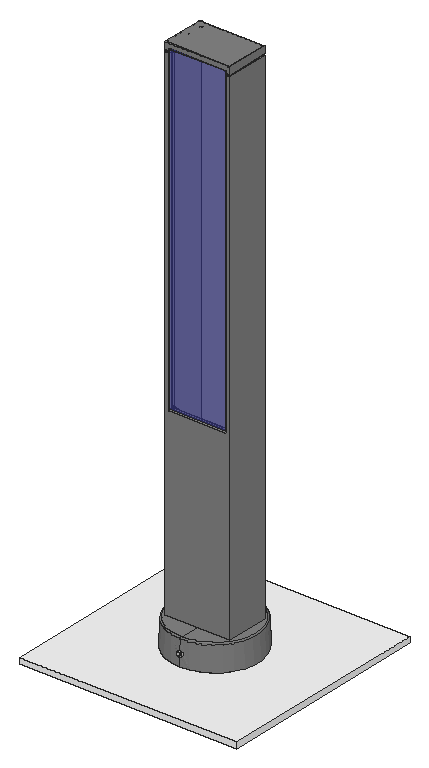
Revit family "BE_99326_de_DE", category Leuchten, Revit 2020
Family settings
  Basisbauteil = Fläche
  Bemaßung runder Anschluss = Durchmesser verwenden
  Teiletyp = Normal
  Beim Laden mit Abzugskörper schneiden = Ja
  Lichtquelle = Ja
  Gemeinsam genutzt = Nein
  Raumberechnungspunkt = Ja
Parameters (values of type "BEGA_99326_Grafit_K3")
  built-in parameter 1150104 = 11.417 (stored number, unit not read)
  Windangriffsfläche = ""
  Werkzeuglos = ""
  Wattage = 16.6 W
  Default Elevation = 0 mm
  built-in parameter 1150113 = 1 (stored number, unit not read)
  built-in parameter 1114218 = 1 (stored number, unit not read)
  Umgebungstemperatur = "25 °C"
  URL = "https://www.bega.com/de/produkt/99326"
  Typenkommentare = "© 2022 BEGA. Wir behalten uns das Recht vor, technische Änderungen ohne vorherige Ankündigung vorzunehmen."  # constant formula
  Type Image = 99326.png
  built-in parameter 1150134 = (empty or 0)
  built-in parameter 1150109 = 1 (stored number, unit not read)
  Strom = ""
  built-in parameter 1150110 = 1 (stored number, unit not read)
  Spannung = 239.996 V
  Sonderanfertigung = no
  Seriennummer [instance] = "Hier können Sie die eindeutige Seriennummer für das Facility Management eintragen."
  Schutzklasse = "I"
  Schutzart = "IP 65"
  Scheinlast = 0 VA
  Produktdatenblatt = "https://cdn.bega.com/bega/products/99326AK4/current/documents/data-sheets/de"
  Oberflächentemperatur = ""
  Neigungswinkel = 0.00°
  Modell = "99326K3"
  Material_17 = BEGA_Reflektor
  Material_15 = BEGA_Leuchtmedium_matt
  Material_11 = BEGA_Glas_opal
  Material_09 = BEGA_Glas_klar
  Material_06 = BEGA_Oberfläche_Edelstahl_gebürstet
  Material_02 = BEGA_Oberfläche_Silber_matt
  Material_01 [instance] = BEGA_Oberfläche_Grafit_matt
  M_W = no
  M_G = yes
  M_A = no
  Logo = 0
  built-in parameter 1114217 = 1 (stored number, unit not read)
  built-in parameter 1150139 = (empty or 0)
  built-in parameter 1150105 = 704.72 (stored number, unit not read)
  built-in parameter 1150114 = 1 (stored number, unit not read)
  Lumens = 2039.97 lm
  built-in parameter 1150115 = 1 (stored number, unit not read)
  Leuchtenlichtstrom = "817 lm"
  Leuchtenanzahl = ""
  Lebensdauerkriterien = "L70B50 @ 25 °C = 185000 h"
  Lastklassifizierung = Beleuchtung
  built-in parameter 1150112 = 1 (stored number, unit not read)
  Lampenlichtstrom = "2130 lm"
  Lampe = "LED 11.4 W"
  LED_Modulbezeichnung = "2x LED-0380/830"
  built-in parameter 1150142 = (empty or 0)
  Hersteller = "BEGA"  # constant formula
  Halbstreuwinkel = ""
  Gewicht = "8.1 kg"
  Gebrauchslageneinschränkung [instance] = ""
  Frequenz = "0/50-60 Hz"
  Farbwiedergabeindex = "CRI > 80"
  Farbtemperaturverschiebung bei Dämpfen der Lampe = <Keine Auswahl>
  Farbtemperatur = "3000 K"
  Color Filter = 16777215
  Erdstücklänge_E = ""
  Erdstück [instance] = no
  built-in parameter 1150133 = 10 (stored number, unit not read)
  Energieeffizienzklasse = "LED A++ - A"
  Einstecktiefe = ""
  built-in parameter 1150137 = (empty or 0)
  built-in parameter 1150132 = (empty or 0)
  Einbau_in_Wärmedämmung = ""
  ENEC = "ja"
  Datei für fotometrisches Netz = "BE_99326K3.IES"
  CE_Konformität = "ja"
  Bestellnummer_Erdstück [instance] = if(Erdstück, "70895", "---")  # "---"
  Bestellnummer = "99326K3"
  Beschreibung_Sonderanfertigung = "Hier können Sie Informationen zur Sonderanfertigung eintragen."
  Beschreibung = "Garten- und Wegeleuchte"
  built-in parameter 1150106 = 7.0472 (stored number, unit not read)
  Belastbarkeit [instance] = ""
  Befestigungsbohrung = ""
  Befestigungsabstand = ""
  Ballwurfsicher = ""
  BEGA_Intern_aus = yes
  BEGA_Intern_an = yes
  BEGA_Intern_Konstruktion = yes
  BEGA_Intern = yes
  BEGA_IES = yes
  BEGA_Dummy = no
  Anschlussleitung = ""
  Anschlussleistung [instance] = "14 W"
  built-in parameter 1150107 = 3000 (stored number, unit not read)
  built-in parameter 1150102 = (empty or 0)
  built-in parameter 1150138 = (empty or 0)
  Aktualisierung = "2022-05-20T04:00:08"
  AC/DC = "AC/DC"
Reference planes
  plane 1 "Mitte (Vorne/Hinten)": y = 0
  plane 2: z = 0
  plane 3 "Mitte (Links/Rechts)": x = 0
  plane 4 "Links": x = -81
  plane 5 "Rechts": x = 81
  plane 6 "Unten": y = -81
  plane 7 "Oben": y = 81
  plane 8 "Vorne": z = 1000.148
Forms (mm)
  Extrusion 1, solid, material "BEGA_Platte_Weiss"
    sketch origin (0, -1119.2, 0) x (1, 0, 0) y (0, 1, 0)
      loop
        line (-200, 1319.2) -> (-200, 919.2) -> (200, 919.2) -> (200, 1319.2) -> (-200, 1319.2)
    from 0 to -10
  Extrusion 2, solid, material "BEGA_Dummy_matt", visible <- "BEGA_Dummy"
    sketch origin (77.149, -76.023, 0) x (1, 0, 0) y (0, 1, 0)
      loop
        circle (-77.149, 76.023) r 81
    from 0 to 1000.148
Dimensions and locks
  plane 1 "Mitte (Vorne/Hinten)" to Extrusion 1 = 200 mm
  aligned and locked: plane 2 to Extrusion 1
  aligned and locked: level to Extrusion 1
Nested families
  nested 1: "BE_99326" at (0, 0, 0), type "BE_99326"
Connectors
  electrical at (0, 0, 0), driven by "Lastklassifizierung", driven by "Spannung", driven by "Scheinlast"
    settings: index 1, voltage 239.996 V, apparent load 0 VA, apparent load phase1 0 VA, apparent load phase2 0 VA, apparent load phase3 0 VA, power factor 1, load classification "Beleuchtung", number of poles 1, system type 31, power factor state 1, is connector primary yes, connector utility no, sub classification motor no, connector description ""
Definition of nested family "BE_99326"
  Parameters (values of type "BE_99326")
    Default Elevation = 1 mm
    URL = "http://www.bega.de/de/produkt"
    Type Comments = "© 2015 BEGA. Wir behalten uns das Recht vor, technische Änderungen ohne vorherige Ankündigung vorzunehmen. "  # constant formula
    Type Image = (empty or 0)
    Material_17 = none
    Material_15 = none
    Material_11 = none
    Material_09 = none
    Material_06 = none
    Material_03 = none
    Material_02 = none
    Material_01 = none
    M_W = yes
    M_G = yes
    M_A = yes
    Länge_Platte = 200 mm  # constant formula
    Höhe_Platte = -10 mm  # constant formula
    Manufacturer = "BEGA"  # constant formula
    Breite_Platte = 200 mm  # constant formula
  Reference planes
    plane 1 "Mitte (Oben/Unten)": y = 0
    plane 2: z = 0
    plane 3 "Mitte (Links/Rechts)": x = 0
    plane 4 "Hinten": z = 1000.148
    plane 5 "Links": x = -81
    plane 6 "Unten": y = -81
    plane 7: x = 81
    plane 8: y = 81
  Forms (mm)
    Extrusion 1, solid, detail levels medium
      sketch origin (0, 0, 0) x (1, 0, 0) y (0, 1, 0)
        loop
          line (-100, 100) -> (-100, -100) -> (100, -100) -> (100, 100) -> (-100, 100)
      from 0 to -10 <- "Höhe_Platte"
    Revolve 2, solid, material <- "Material_01", visible <- "M_G", detail levels medium+fine
      sketch origin (0, 0, 0) x (0, 1, 0) y (0, 0, 1)
        loop
          line (76, 0) -> (76, 5.5) -> (0, 5.5) -> (0, 0) -> (76, 0)
        axis (0, 0) -> (0, 5.5)
      angle from 0 to 360
    Revolve 3, solid, material <- "Material_01", visible <- "M_G", detail levels medium+fine
      sketch origin (0, 0, 0) x (0, 1, 0) y (0, 0, 1)
        loop
          arc (79.391, 48.215) -> (78.783, 49.585) -> (77.392, 50.148) r 2
          line (77.392, 50.148) -> (0, 50.148) -> (0, 42.148) -> (68.762, 42.148)
          arc (68.762, 42.148) -> (70.254, 41.646) -> (70.92, 40.221) r 2
          line (70.92, 40.221) -> (72.121, 5.835) -> (77.5, 5.648) -> (77.5, 2.148) -> (81, 2.148) -> (79.391, 48.215)
        axis (0, 50.148) -> (0, 2.148)
      angle from 0 to 360
    Sweep 4, solid, material <- "Material_01", visible <- "M_G", detail levels medium+fine
      path origin (0, 0, 0) x (1, 0, 0) y (0, 1, 0)
        loop
          line (60, 40) -> (-60, 40) -> (-60, -40) -> (60, -40) -> (60, 40)
      profile origin (0, 40, 0) x (0, -1, 0) y (0, 0, 1)
        loop
          line (0, 985.684) -> (2.449, 983.148) -> (6.9, 983.148) -> (7.532, 995.2)
          arc (7.532, 995.2) -> (7.842, 995.873) -> (8.53, 996.148) r 1
          line (8.53, 996.148) -> (17.785, 996.148) -> (17.785, 1000.148) -> (0.779, 1000.148)
          arc (0.779, 1000.148) -> (0.347, 1000.049) -> (0, 999.774) r 1
          line (0, 999.774) -> (0, 985.684)
    Extrusion 5, solid, material <- "Material_01", visible <- "M_G", detail levels medium+fine
      sketch origin (0, 0, 0) x (1, 0, 0) y (0, 1, 0)
        loop
          line (-42.215, 22.215) -> (-42.215, -22.215) -> (42.215, -22.215) -> (42.215, 22.215) -> (-42.215, 22.215)
      from 996.148 to 1000.148
    Sweep 6, solid, material <- "Material_01", visible <- "M_G", detail levels medium+fine
      path in 3D
        loop
          line (-60, 40, 999.774) -> (-60, -40, 999.774) -> (60, -40, 999.774) -> (60, 40, 999.774) -> (-60, 40, 999.774)
      profile origin (0, 40, 999.774) x (0, 0, 1) y (0, 1, 0)
        loop
          line (-949.627, 0) -> (-949.627, -6.8) -> (-16.627, -6.8) -> (-16.627, 0) -> (-949.627, 0)
    Sweep 7, void
      path origin (0, 0, 0) x (1, 0, 0) y (0, 0, 1)
        loop
          line (-53.711, 991.858) -> (-53.711, 389.437) -> (53.711, 389.437) -> (53.711, 991.858) -> (-53.711, 991.858)
      profile origin (0, 0, 991.858) x (0, 0, 1) y (0, -1, 0)
        loop
          line (0, 40) -> (-28.988, 40) -> (-28.988, 34.8) -> (-1.893, 34.8) -> (0, 40)
    Extrusion 8, void
      sketch origin (0, 0, 0) x (1, 0, 0) y (0, 0, 1)
        loop
          arc (45, 394.148) -> (47.828, 395.319) -> (49, 398.148) r 4
          line (49, 398.148) -> (49, 983.148)
          arc (49, 983.148) -> (47.828, 985.976) -> (45, 987.148) r 4
          line (45, 987.148) -> (-45, 987.148)
          arc (-45, 987.148) -> (-47.828, 985.976) -> (-49, 983.148) r 4
          line (-49, 983.148) -> (-49, 398.148)
          arc (-49, 398.148) -> (-47.828, 395.319) -> (-45, 394.148) r 4
          line (-45, 394.148) -> (45, 394.148)
      from 32.461 to 40.526
    Extrusion 9, solid, material <- "Material_11", detail levels medium+fine
      sketch origin (0, 0, 0) x (0, 1, 0) y (0, 0, 1)
        loop
          line (-39.8, 391.648) -> (-34.8, 391.648) -> (-34.8, 989.648) -> (-39.8, 989.648) -> (-39.8, 391.648)
      from -51.603 to 51.542
    Revolve 10, solid, material <- "Material_02", visible <- "M_A", detail levels medium+fine
      sketch origin (0, 0, 0) x (0, 1, 0) y (0, 0, 1)
        loop
          line (76, 0) -> (76, 5.5) -> (0, 5.5) -> (0, 0) -> (76, 0)
        axis (0, 0) -> (0, 5.5)
      angle from 0 to 360
    Revolve 11, solid, material <- "Material_02", visible <- "M_A", detail levels medium+fine
      sketch origin (0, 0, 0) x (0, 1, 0) y (0, 0, 1)
        loop
          arc (79.391, 48.215) -> (78.783, 49.585) -> (77.392, 50.148) r 2
          line (77.392, 50.148) -> (0, 50.148) -> (0, 42.148) -> (68.762, 42.148)
          arc (68.762, 42.148) -> (70.254, 41.646) -> (70.92, 40.221) r 2
          line (70.92, 40.221) -> (72.121, 5.835) -> (77.5, 5.648) -> (77.5, 2.148) -> (81, 2.148) -> (79.391, 48.215)
        axis (0, 50.148) -> (0, 2.148)
      angle from 0 to 360
    Sweep 12, solid, material <- "Material_02", visible <- "M_A", detail levels medium+fine
      path in 3D
        loop
          line (-60, 40, 999.774) -> (-60, -40, 999.774) -> (60, -40, 999.774) -> (60, 40, 999.774) -> (-60, 40, 999.774)
      profile origin (0, 40, 999.774) x (0, 0, 1) y (0, 1, 0)
        loop
          line (-949.627, 0) -> (-949.627, -6.8) -> (-16.627, -6.8) -> (-16.627, 0) -> (-949.627, 0)
    Sweep 13, solid, material <- "Material_02", visible <- "M_A", detail levels medium+fine
      path origin (0, 0, 0) x (1, 0, 0) y (0, 1, 0)
        loop
          line (60, 40) -> (-60, 40) -> (-60, -40) -> (60, -40) -> (60, 40)
      profile origin (0, 40, 0) x (0, -1, 0) y (0, 0, 1)
        loop
          line (0, 985.684) -> (2.449, 983.148) -> (6.9, 983.148) -> (7.532, 995.2)
          arc (7.532, 995.2) -> (7.842, 995.873) -> (8.53, 996.148) r 1
          line (8.53, 996.148) -> (17.785, 996.148) -> (17.785, 1000.148) -> (0.779, 1000.148)
          arc (0.779, 1000.148) -> (0.347, 1000.049) -> (0, 999.774) r 1
          line (0, 999.774) -> (0, 985.684)
    Extrusion 14, solid, material <- "Material_02", visible <- "M_A", detail levels medium+fine
      sketch origin (0, 0, 0) x (1, 0, 0) y (0, 1, 0)
        loop
          line (-42.215, 22.215) -> (-42.215, -22.215) -> (42.215, -22.215) -> (42.215, 22.215) -> (-42.215, 22.215)
      from 996.148 to 1000.148
    Revolve 15, void
      sketch origin (0, 0, 0) x (0, 1, 0) y (0, 0, 1)
        loop
          line (-80.443, 29.398) -> (-80.443, 24.148) -> (-71.081, 24.148) -> (-71.081, 29.398) -> (-80.443, 29.398)
        axis (-71.081, 24.148) -> (-80.443, 24.148)
      angle from 0 to 360
    Revolve 16, solid, material <- "Material_06", detail levels fine
      sketch origin (0, 0, 0) x (0, 1, 0) y (0, 0, 1)
        loop
          line (-71.912, 29.148) -> (-81.58, 29.148) -> (-82.5, 28.228) -> (-82.5, 24.148) -> (-71.912, 24.148) -> (-71.912, 29.148)
        axis (-71.912, 24.148) -> (-82.5, 24.148)
      angle from 0 to 360
    Extrusion 17, void
      sketch origin (0, 0, 0) x (1, 0, 0) y (0, 1, 0)
        loop
          arc (-10.618, -36.999) -> (-0.003, -38.492) -> (10.613, -37.001) r 38.5
          arc (10.613, -37.001) -> (13.012, -32.671) -> (8.683, -30.272) r 3.5
          arc (8.683, -30.272) -> (0, -31.492) -> (-8.682, -30.272) r 31.5
          arc (-8.682, -30.272) -> (-13.01, -32.669) -> (-10.618, -36.999) r 3.5
        loop
          arc (31.613, -32.728) -> (31.502, -39.083) -> (37.857, -39.194) r 4.495
          arc (37.857, -39.194) -> (47.194, -27.244) -> (52.876, -13.185) r 54.493
          arc (52.876, -13.185) -> (49.609, -7.728) -> (44.156, -11.001) r 4.495
          arc (44.156, -11.001) -> (39.411, -22.746) -> (31.613, -32.728) r 45.516
        loop
          arc (30.564, 7.629) -> (34.804, 5.079) -> (37.358, 9.317) r 3.5
          arc (37.358, 9.317) -> (33.341, 19.26) -> (26.738, 27.709) r 38.5
          arc (26.738, 27.709) -> (21.792, 27.613) -> (21.881, 22.667) r 3.5
          arc (21.881, 22.667) -> (27.279, 15.758) -> (30.564, 7.629) r 31.5
        loop
          arc (-21.882, 22.667) -> (-21.796, 27.616) -> (-26.745, 27.702) r 3.5
          arc (-26.745, 27.702) -> (-33.342, 19.257) -> (-37.357, 9.321) r 38.5
          arc (-37.357, 9.321) -> (-34.807, 5.079) -> (-30.565, 7.628) r 3.5
          arc (-30.565, 7.628) -> (-27.28, 15.757) -> (-21.882, 22.667) r 31.5
        loop
          arc (12.545, 43.753) -> (18.104, 46.834) -> (15.023, 52.394) r 4.495
          arc (15.023, 52.394) -> (-0.001, 54.506) -> (-15.024, 52.394) r 54.493
          arc (-15.024, 52.394) -> (-18.104, 46.835) -> (-12.544, 43.753) r 4.495
          arc (-12.544, 43.753) -> (-0.001, 45.516) -> (12.545, 43.753) r 45.516
        loop
          arc (-44.156, -11.002) -> (-49.605, -7.729) -> (-52.878, -13.177) r 4.495
          arc (-52.878, -13.177) -> (-47.198, -27.238) -> (-37.863, -39.189) r 54.493
          arc (-37.863, -39.189) -> (-31.504, -39.087) -> (-31.612, -32.728) r 4.495
          arc (-31.612, -32.728) -> (-39.411, -22.747) -> (-44.156, -11.002) r 45.516
        loop
          circle (0, 0.008) r 21.562
      from 0 to 14.688
  Cuts and joins
    Sweep 7, Extrusion 8 cuts Sweep 4
    Sweep 7, Extrusion 8 cuts Extrusion 5
    joined: Sweep 4, Extrusion 5
    Sweep 7, Extrusion 8, Extrusion 17 cuts Sweep 6
    Sweep 7, Extrusion 8, Extrusion 17 cuts Sweep 12
    Sweep 7, Extrusion 8 cuts Sweep 13
    joined: Sweep 13, Extrusion 14
    Revolve 15, Extrusion 17 cuts Revolve 3
    Revolve 15, Extrusion 17 cuts Revolve 11
    Extrusion 17 cuts Revolve 2
    Extrusion 17 cuts Revolve 10
  Lines and regions (mm)
    sketch lines
      curve 1: line (60, 40, 999.774) -> (-60, 40, 999.774)
      curve 2: line (-60, 40, 999.774) -> (-60, -40, 999.774)
      curve 3: line (-60, -40, 999.774) -> (60, -40, 999.774)
      curve 4: line (60, -40, 999.774) -> (60, 40, 999.774)
      curve 5: line (60, 40, 999.774) -> (-60, 40, 999.774)
      curve 6: line (-60, 40, 999.774) -> (-60, -40, 999.774)
      curve 7: line (-60, -40, 999.774) -> (60, -40, 999.774)
      curve 8: line (60, -40, 999.774) -> (60, 40, 999.774)
  Dimensions and locks
    equal spacing: Extrusion 1 sketch curve, plane 3 "Mitte (Links/Rechts)", Extrusion 1 sketch curve
    equal spacing: Extrusion 1 sketch curve, plane 1 "Mitte (Oben/Unten)", Extrusion 1 sketch curve
    "Länge_Platte": Extrusion 1 sketch curve to Extrusion 1 sketch curve
    "Breite_Platte": Extrusion 1 sketch curve to Extrusion 1 sketch curve
    aligned and locked: Extrusion 1 to plane 2
    aligned and locked: level to Extrusion 1
  Automatic sketch dimensions
    Revolve 2 sketch curve to plane 1 "Mitte (Oben/Unten)" = 0 mm  (x2)
    Revolve 2 sketch curve to level = 0 mm
    level to Revolve 2 sketch curve = 5.5 mm
    Revolve 2 sketch curve to Revolve 2 sketch curve = 76 mm
    Revolve 2 sketch curve to level = 5.577 mm
    Revolve 2 sketch curve to Revolve 2 sketch curve = 10.745 mm
    Revolve 3 sketch curve to plane 1 "Mitte (Oben/Unten)" = 0 mm  (x2)
    Revolve 3 sketch curve to plane 1 "Mitte (Oben/Unten)" = 68.762 mm
    Revolve 3 sketch curve to Revolve 3 sketch curve = 0.16 mm
    level to Revolve 3 sketch curve = 40.221 mm
    Revolve 3 sketch curve to Revolve 3 sketch curve = 1.999 mm  (x2)
    level to Revolve 3 sketch curve = 5.835 mm
    Revolve 3 sketch curve to Revolve 3 sketch curve = 1.201 mm
    Revolve 3 sketch curve to Revolve 3 sketch curve = 6.472 mm
    level to Revolve 3 sketch curve = 2.148 mm
    Revolve 3 sketch curve to Revolve 3 sketch curve = 5.379 mm
    level to Revolve 3 sketch curve = 48.215 mm
    Revolve 3 sketch curve to Revolve 3 sketch curve = 3.5 mm  (x2)
    Revolve 3 sketch curve to Revolve 3 sketch curve = 0.067 mm  (x2)
    Revolve 3 sketch curve to Revolve 3 sketch curve = 8 mm
    Revolve 3 sketch curve to Revolve 3 sketch curve = 0 mm  (x2)
    Revolve 3 sketch curve to level = 19.852 mm
    Revolve 3 sketch curve to Revolve 3 sketch curve = 25 mm
    plane 3 "Mitte (Links/Rechts)" to Sweep 4 sketch curve = 60 mm
    Sweep 4 sketch curve to plane 3 "Mitte (Links/Rechts)" = 60 mm
    plane 1 "Mitte (Oben/Unten)" to Sweep 4 sketch curve = 40 mm
    Sweep 4 sketch curve to plane 1 "Mitte (Oben/Unten)" = 40 mm
    Sweep 4 sketch curve to profile plane = 0 mm
    Sweep 4 sketch curve to profile plane = 2.449 mm
    Sweep 4 sketch curve to profile plane = 0.779 mm
    Sweep 4 sketch curve to Sweep 4 sketch curve = 4.451 mm
    Sweep 4 sketch curve to Sweep 4 sketch curve = 7.751 mm
    Sweep 4 sketch curve to Sweep 4 sketch curve = 9.254 mm
    level to Sweep 4 sketch curve = 983.148 mm
    Sweep 4 sketch curve to Sweep 4 sketch curve = 2.536 mm
    Sweep 4 sketch curve to Sweep 4 sketch curve = 12 mm
    Sweep 4 sketch curve to Sweep 4 sketch curve = 1 mm
    Sweep 4 sketch curve to Sweep 4 sketch curve = 3 mm
    Sweep 4 sketch curve to Sweep 4 sketch curve = 0.999 mm
    Sweep 4 sketch curve to Sweep 4 sketch curve = 0 mm  (x2)
    Sweep 4 sketch curve to Sweep 4 sketch curve = 0.373 mm
    Extrusion 5 sketch curve to plane 3 "Mitte (Links/Rechts)" = 42.215 mm
    Extrusion 5 sketch curve to plane 1 "Mitte (Oben/Unten)" = 22.215 mm
    plane 3 "Mitte (Links/Rechts)" to Extrusion 5 sketch curve = 42.215 mm
    plane 1 "Mitte (Oben/Unten)" to Extrusion 5 sketch curve = 22.215 mm
    Sweep 6 sketch curve to profile plane = 0 mm
    profile plane to Sweep 6 sketch curve = 949.627 mm
    Sweep 6 sketch curve to profile plane = 6.8 mm
    profile plane to Sweep 6 sketch curve = 16.627 mm
    plane 3 "Mitte (Links/Rechts)" to Sweep 7 sketch curve = 53.711 mm
    Sweep 7 sketch curve to Sweep 7 sketch curve = 602.421 mm
    Sweep 7 sketch curve to plane 3 "Mitte (Links/Rechts)" = 53.711 mm
    profile plane to Sweep 7 sketch curve = 0 mm
    profile plane to Sweep 7 sketch curve = 1.893 mm
    plane 1 "Mitte (Oben/Unten)" to Sweep 7 sketch curve = 34.8 mm
    Sweep 7 sketch curve to Sweep 7 sketch curve = 27.095 mm
    Sweep 7 sketch curve to Sweep 7 sketch curve = 5.2 mm
    plane 3 "Mitte (Links/Rechts)" to Extrusion 8 sketch curve = 45 mm
    Extrusion 8 sketch curve to Extrusion 8 sketch curve = 4 mm  (x3)
    Extrusion 8 sketch curve to plane 3 "Mitte (Links/Rechts)" = 45 mm
    Extrusion 8 sketch curve to Extrusion 8 sketch curve = 585 mm
    Extrusion 8 sketch curve to Extrusion 8 sketch curve = 0 mm
    plane 1 "Mitte (Oben/Unten)" to Extrusion 9 sketch curve = 39.8 mm
    plane 1 "Mitte (Oben/Unten)" to Extrusion 9 sketch curve = 34.8 mm
    Extrusion 9 sketch curve to Extrusion 9 sketch curve = 598 mm
    Revolve 10 sketch curve to plane 1 "Mitte (Oben/Unten)" = 0 mm  (x2)
    Revolve 10 sketch curve to level = 0 mm
    level to Revolve 10 sketch curve = 5.5 mm
    Revolve 10 sketch curve to Revolve 10 sketch curve = 76 mm
    Revolve 10 sketch curve to level = 5.577 mm
    Revolve 10 sketch curve to Revolve 10 sketch curve = 10.745 mm
    Revolve 11 sketch curve to plane 1 "Mitte (Oben/Unten)" = 0 mm  (x2)
    Revolve 11 sketch curve to plane 1 "Mitte (Oben/Unten)" = 68.762 mm
    Revolve 11 sketch curve to Revolve 11 sketch curve = 0.16 mm
    level to Revolve 11 sketch curve = 40.221 mm
    Revolve 11 sketch curve to Revolve 11 sketch curve = 1.999 mm  (x2)
    level to Revolve 11 sketch curve = 5.835 mm
    Revolve 11 sketch curve to Revolve 11 sketch curve = 1.201 mm
    Revolve 11 sketch curve to Revolve 11 sketch curve = 6.472 mm
    level to Revolve 11 sketch curve = 2.148 mm
    Revolve 11 sketch curve to Revolve 11 sketch curve = 5.379 mm
    level to Revolve 11 sketch curve = 48.215 mm
    Revolve 11 sketch curve to Revolve 11 sketch curve = 3.5 mm  (x2)
    Revolve 11 sketch curve to Revolve 11 sketch curve = 0.067 mm  (x2)
    Revolve 11 sketch curve to Revolve 11 sketch curve = 8 mm
    Revolve 11 sketch curve to Revolve 11 sketch curve = 0 mm  (x2)
    Revolve 11 sketch curve to level = 19.852 mm
    Revolve 11 sketch curve to Revolve 11 sketch curve = 25 mm
    Sweep 12 sketch curve to profile plane = 0 mm
    profile plane to Sweep 12 sketch curve = 949.627 mm
    Sweep 12 sketch curve to profile plane = 6.8 mm
    profile plane to Sweep 12 sketch curve = 16.627 mm
    Sweep 13 sketch curve to plane 3 "Mitte (Links/Rechts)" = 60 mm
    plane 3 "Mitte (Links/Rechts)" to Sweep 13 sketch curve = 60 mm
    plane 1 "Mitte (Oben/Unten)" to Sweep 13 sketch curve = 40 mm
    Sweep 13 sketch curve to plane 1 "Mitte (Oben/Unten)" = 40 mm
    Sweep 13 sketch curve to profile plane = 0 mm
    Sweep 13 sketch curve to profile plane = 0.779 mm
    Sweep 13 sketch curve to profile plane = 2.449 mm
    Sweep 13 sketch curve to Sweep 13 sketch curve = 4.451 mm
    Sweep 13 sketch curve to Sweep 13 sketch curve = 7.751 mm
    Sweep 13 sketch curve to Sweep 13 sketch curve = 9.254 mm
    level to Sweep 13 sketch curve = 983.148 mm
    Sweep 13 sketch curve to Sweep 13 sketch curve = 2.536 mm
    Sweep 13 sketch curve to Sweep 13 sketch curve = 12 mm
    Sweep 13 sketch curve to Sweep 13 sketch curve = 1 mm
    Sweep 13 sketch curve to Sweep 13 sketch curve = 3 mm
    Sweep 13 sketch curve to Sweep 13 sketch curve = 0.627 mm
    Sweep 13 sketch curve to Sweep 13 sketch curve = 0.999 mm
    Sweep 13 sketch curve to Sweep 13 sketch curve = 0 mm  (x2)
    Extrusion 14 sketch curve to plane 3 "Mitte (Links/Rechts)" = 42.215 mm
    plane 3 "Mitte (Links/Rechts)" to Extrusion 14 sketch curve = 42.215 mm
    plane 1 "Mitte (Oben/Unten)" to Extrusion 14 sketch curve = 22.215 mm
    Extrusion 14 sketch curve to plane 1 "Mitte (Oben/Unten)" = 22.215 mm
    level to Revolve 15 sketch curve = 24.148 mm
    plane 1 "Mitte (Oben/Unten)" to Revolve 15 sketch curve = 71.081 mm
    Revolve 15 sketch curve to Revolve 15 sketch curve = 5.25 mm
    Revolve 15 sketch curve to Revolve 15 sketch curve = 1.658 mm
    Revolve 15 sketch curve to Revolve 15 sketch curve = 7.705 mm
    Revolve 15 sketch curve to Revolve 15 sketch curve = 3.675 mm
    Revolve 15 sketch curve to Revolve 15 sketch curve = 0 mm
    level to Revolve 16 sketch curve = 24.148 mm
    plane 1 "Mitte (Oben/Unten)" to Revolve 16 sketch curve = 82.5 mm
    Revolve 16 sketch curve to Revolve 16 sketch curve = 0.92 mm  (x2)
    Revolve 16 sketch curve to Revolve 16 sketch curve = 9.668 mm
    Revolve 16 sketch curve to Revolve 16 sketch curve = 4.08 mm
    Revolve 16 sketch curve to Revolve 16 sketch curve = 0.974 mm
    Revolve 16 sketch curve to Revolve 16 sketch curve = 0 mm  (x2)
    Extrusion 17 sketch curve to Extrusion 17 sketch curve = 13.783 mm
    Extrusion 17 sketch curve to Extrusion 17 sketch curve = 14.557 mm  (x2)
    Extrusion 17 sketch curve to Extrusion 17 sketch curve = 9.647 mm
    Extrusion 17 sketch curve to Extrusion 17 sketch curve = 10.53 mm
    Extrusion 17 sketch curve to Extrusion 17 sketch curve = 25.088 mm  (x2)
    Extrusion 17 sketch curve to Extrusion 17 sketch curve = 33.954 mm
    Extrusion 17 sketch curve to Extrusion 17 sketch curve = 0.003 mm  (x3)
    Extrusion 17 sketch curve to Extrusion 17 sketch curve = 0.005 mm  (x3)
    Extrusion 17 sketch curve to Extrusion 17 sketch curve = 0.001 mm  (x4)
    Extrusion 17 sketch curve to Extrusion 17 sketch curve = 0 mm  (x34)
    Extrusion 17 sketch curve to Extrusion 17 sketch curve = 0.004 mm  (x2)
    Extrusion 17 sketch curve to Extrusion 17 sketch curve = 19.294 mm
    Extrusion 17 sketch curve to Extrusion 17 sketch curve = 27.567 mm
    Extrusion 17 sketch curve to Extrusion 17 sketch curve = 10.529 mm
    Extrusion 17 sketch curve to Extrusion 17 sketch curve = 9.648 mm
    Extrusion 17 sketch curve to Extrusion 17 sketch curve = 21.547 mm
    Extrusion 17 sketch curve to Extrusion 17 sketch curve = 2.324 mm
    Extrusion 17 sketch curve to Extrusion 17 sketch curve = 2.325 mm
    Extrusion 17 sketch curve to Extrusion 17 sketch curve = 23.872 mm
    Extrusion 17 sketch curve to Extrusion 17 sketch curve = 33.636 mm
    Extrusion 17 sketch curve to Extrusion 17 sketch curve = 0.006 mm  (x3)
    Extrusion 17 sketch curve to Extrusion 17 sketch curve = 0.002 mm  (x3)
    Extrusion 17 sketch curve to Extrusion 17 sketch curve = 20.564 mm  (x2)
    Extrusion 17 sketch curve to Extrusion 17 sketch curve = 16.71 mm
    Extrusion 17 sketch curve to Extrusion 17 sketch curve = 16.709 mm
    Extrusion 17 sketch curve to Extrusion 17 sketch curve = 22.888 mm
    Extrusion 17 sketch curve to Extrusion 17 sketch curve = 22.889 mm
    Extrusion 17 sketch curve to Extrusion 17 sketch curve = 4.361 mm  (x3)
    Extrusion 17 sketch curve to Extrusion 17 sketch curve = 3.128 mm
    Extrusion 17 sketch curve to Extrusion 17 sketch curve = 3.396 mm  (x3)
    Extrusion 17 sketch curve to Extrusion 17 sketch curve = 3.122 mm  (x3)
    Extrusion 17 sketch curve to Extrusion 17 sketch curve = 2.431 mm  (x3)
    Extrusion 17 sketch curve to Extrusion 17 sketch curve = 1.241 mm
    Extrusion 17 sketch curve to Extrusion 17 sketch curve = 1.239 mm  (x2)
    Extrusion 17 sketch curve to Extrusion 17 sketch curve = 0.972 mm
    Extrusion 17 sketch curve to Extrusion 17 sketch curve = 0.964 mm
    Extrusion 17 sketch curve to Extrusion 17 sketch curve = 0.966 mm
    Extrusion 17 sketch curve to Extrusion 17 sketch curve = 0.965 mm
    Extrusion 17 sketch curve to Extrusion 17 sketch curve = 1.24 mm
    Extrusion 17 sketch curve to Extrusion 17 sketch curve = 2.425 mm
    Extrusion 17 sketch curve to Extrusion 17 sketch curve = 3.397 mm
    Extrusion 17 sketch curve to Extrusion 17 sketch curve = 4.359 mm
    Extrusion 17 sketch curve to Extrusion 17 sketch curve = 1.087 mm
    Extrusion 17 sketch curve to Extrusion 17 sketch curve = 1.097 mm
    Extrusion 17 sketch curve to Extrusion 17 sketch curve = 3.365 mm
    Extrusion 17 sketch curve to Extrusion 17 sketch curve = 3.233 mm
    Extrusion 17 sketch curve to Extrusion 17 sketch curve = 0.847 mm  (x2)
    Extrusion 17 sketch curve to Extrusion 17 sketch curve = 4.32 mm
    Extrusion 17 sketch curve to plane 3 "Mitte (Links/Rechts)" = 0 mm
    level to Sweep 7 sketch curve = 389.437 mm
    level to Extrusion 8 sketch curve = 394.148 mm
    level to Extrusion 9 sketch curve = 391.648 mm
    plane 1 "Mitte (Oben/Unten)" to Extrusion 17 sketch curve = 0 mm
    radius of Extrusion 17 sketch curve = 21.562 mm
Types (4, lengths in mm): name | built-in parameter 1150104 | built-in parameter 1150134 | Modell | M_G | M_A | built-in parameter 1150105 | Lumens | Leuchtenlichtstrom | Lampenlichtstrom | LED_Modulbezeichnung | built-in parameter 1150142 | Farbtemperatur | Datei für fotometrisches Netz | Bestellnummer | built-in parameter 1150106 | built-in parameter 1150107
  BEGA_99326_Grafit_K3 | 11.417 (stored number, unit not read) | (empty or 0) | "99326K3" | yes | no | 704.72 (stored number, unit not read) | 2039.97 lm | "817 lm" | "2130 lm" | "2x LED-0380/830" | (empty or 0) | "3000 K" | "BE_99326K3.IES" | "99326K3" | 7.0472 (stored number, unit not read) | 3000 (stored number, unit not read)
  BEGA_99326_Silber_K4 | 12.089 (stored number, unit not read) | 12 | "99326AK4" | no | yes | 746.18 (stored number, unit not read) | 2159.99 lm | "859 lm" | "2240 lm" | "2x LED-0380/840" | "IESNA:LM-63-1995\r\n[TEST] \r\n[MANUFAC] BEGA\r\n[MORE] Converted by LUMCat V \r\n[MORE] 26.09.2013 / H.R.\r\n[LUMCAT] \r\n[LUMINAIRE] 99326\r\n[LAMPCAT] LED  16,6W\r\n[LAMPCAT] LED  16,6W     770 lm,   19 W\r\n[LAMP] LED  16,6W\r\nTILT=NONE\r\n1     770 1.0 73 37 1 2 0.001 0.100 0.000\r\n1.0 1.0 19\r\n   0.0   2.5   5.0   7.5  10.0  12.5  15.0  17.5  20.0  22.5  25.0  27.5  30.0\r\n  32.5  35.0  37.5  40.0  42.5  45.0  47.5  50.0  52.5  55.0  57.5  60.0  62.5\r\n  65.0  67.5  70.0  72.5  75.0  77.5  80.0  82.5  85.0  87.5  90.0  92.5  95.0\r\n  97.5 100.0 102.5 105.0 107.5 110.0 112.5 115.0 117.5 120.0 122.5 125.0 127.5\r\n 130.0 132.5 135.0 137.5 140.0 142.5 145.0 147.5 150.0 152.5 155.0 157.5 160.0\r\n 162.5 165.0 167.5 170.0 172.5 175.0 177.5 180.0\r\n  90.0  95.0 100.0 105.0 110.0 115.0 120.0 125.0 130.0 135.0 140.0 145.0 150.0\r\n 155.0 160.0 165.0 170.0 175.0 180.0 185.0 190.0 195.0 200.0 205.0 210.0 215.0\r\n 220.0 225.0 230.0 235.0 240.0 245.0 250.0 255.0 260.0 265.0 270.0\r\n       0.0       0.6       4.4      17.1      28.0      39.2      51.0      62.9\r\n      75.1      86.9      98.6     110.3     121.2     132.2     143.0     153.2\r\n     163.1     172.6     181.5     190.3     198.8     207.1     214.3     220.9\r\n     227.7     233.3     239.0     244.5     248.3     252.9     255.5     259.4\r\n     261.6     263.5     264.9     266.0     265.2     266.0     264.9     263.5\r\n     261.6     259.4     255.5     252.9     248.3     244.5     239.0     233.3\r\n     227.7     220.9     214.3     207.1     198.8     190.3     181.5     172.6\r\n     163.1     153.2     143.0     132.2     121.2     110.3      98.6      86.9\r\n      75.1      62.9      51.0      39.2      28.0      17.1       4.4       0.6\r\n       0.0\r\n       0.0       0.6       4.6      16.9      27.8      39.0      50.7      62.5\r\n      74.6      86.4      98.2     109.7     120.8     131.6     142.2     152.4\r\n     162.2     171.7     180.9     189.4     197.7     205.6     213.0     220.0\r\n     226.4     232.3     237.8     242.9     247.4     251.6     255.1     258.0\r\n     260.4     262.5     263.7     264.5     265.2     264.5     263.7     262.5\r\n     260.4     258.0     255.1     251.6     247.4     242.9     237.8     232.3\r\n     226.4     220.0     213.0     205.6     197.7     189.4     180.9     171.7\r\n     162.2     152.4     142.2     131.6     120.8     109.7      98.2      86.4\r\n      74.6      62.5      50.7      39.0      27.8      16.9       4.6       0.6\r\n       0.0\r\n       0.0       0.6       4.6      16.5      27.4      38.3      49.9      61.6\r\n      73.4      85.2      96.7     108.0     119.1     129.9     140.3     150.4\r\n     160.1     169.4     178.4     186.9     195.1     202.9     210.2     216.9\r\n     223.5     229.4     234.9     239.7     244.2     248.3     251.8     254.8\r\n     257.0     259.2     260.4     261.3     261.1     261.3     260.4     259.2\r\n     257.0     254.8     251.8     248.3     244.2     239.7     234.9     229.4\r\n     223.5     216.9     210.2     202.9     195.1     186.9     178.4     169.4\r\n     160.1     150.4     140.3     129.9     119.1     108.0      96.7      85.2\r\n      73.4      61.6      49.9      38.3      27.4      16.5       4.6       0.6\r\n       0.0\r\n       0.0       0.6       4.6      15.7      26.5      37.3      48.5      59.9\r\n      71.5      83.0      94.3     105.5     116.3     126.8     137.1     146.9\r\n     156.4     165.6     174.5     182.8     190.8     198.5     205.7     212.4\r\n     218.7     224.5     229.9     234.8     239.2     243.1     246.4     249.4\r\n     251.7     253.7     254.8     255.7     255.9     255.7     254.8     253.7\r\n     251.7     249.4     246.4     243.1     239.2     234.8     229.9     224.5\r\n     218.7     212.4     205.7     198.5     190.8     182.8     174.5     165.6\r\n     156.4     146.9     137.1     126.8     116.3     105.5      94.3      83.0\r\n      71.5      59.9      48.5      37.3      26.5      15.7       4.6       0.6\r\n       0.0\r\n       0.0       0.6       4.4      14.9      25.4      35.8      46.6      57.7\r\n      68.9      80.1      91.1     101.9     112.4     122.6     132.6     142.2\r\n     151.5     160.4     169.0     177.2     185.0     192.2     199.5     205.9\r\n     212.1     217.9     222.8     227.8     232.1     236.0     239.3     242.1\r\n     244.1     246.4     247.6     248.1     248.6     248.1     247.6     246.4\r\n     244.1     242.1     239.3     236.0     232.1     227.8     222.8     217.9\r\n     212.1     205.9     199.5     192.2     185.0     177.2     169.0     160.4\r\n     151.5     142.2     132.6     122.6     112.4     101.9      91.1      80.1\r\n      68.9      57.7      46.6      35.8      25.4      14.9       4.4       0.6\r\n       0.0\r\n       0.0       0.6       4.2      13.9      24.0      33.8      44.2      54.8\r\n      65.6      76.2      86.9      97.2     107.5     117.3     126.9     136.2\r\n     145.2     154.0     162.2     170.0     177.6     184.6     191.5     197.9\r\n     203.8     209.4     214.2     218.9     223.0     226.6     229.9     232.6\r\n     234.8     236.8     237.8     238.5     239.0     238.5     237.8     236.8\r\n     234.8     232.6     229.9     226.6     223.0     218.9     214.2     209.4\r\n     203.8     197.9     191.5     184.6     177.6     170.0     162.2     154.0\r\n     145.2     136.2     126.9     117.3     107.5      97.2      86.9      76.2\r\n      65.6      54.8      44.2      33.8      24.0      13.9       4.2       0.6\r\n       0.0\r\n       0.0       0.5       3.8      12.7      22.3      31.6      41.3      51.4\r\n      61.6      71.8      81.9      91.8     101.5     110.9     120.2     129.1\r\n     137.7     146.0     154.1     161.6     168.8     175.7     182.1     188.2\r\n     193.9     199.0     203.9     208.3     212.3     215.7     218.8     221.3\r\n     223.4     224.9     226.4     227.0     227.2     227.0     226.4     224.9\r\n     223.4     221.3     218.8     215.7     212.3     208.3     203.9     199.0\r\n     193.9     188.2     182.1     175.7     168.8     161.6     154.1     146.0\r\n     137.7     129.1     120.2     110.9     101.5      91.8      81.9      71.8\r\n      61.6      51.4      41.3      31.6      22.3      12.7       3.8       0.5\r\n       0.0\r\n       0.0       0.5       3.4      11.4      20.4      29.0      38.0      47.4\r\n      57.0      66.6      76.1      85.4      94.6     103.6     112.4     120.9\r\n     129.0     136.8     144.3     151.6     158.4     164.8     170.9     176.7\r\n     182.0     186.9     191.4     195.6     199.4     202.6     205.6     208.0\r\n     210.0     211.5     212.7     213.3     213.8     213.3     212.7     211.5\r\n     210.0     208.0     205.6     202.6     199.4     195.6     191.4     186.9\r\n     182.0     176.7     170.9     164.8     158.4     151.6     144.3     136.8\r\n     129.0     120.9     112.4     103.6      94.6      85.4      76.1      66.6\r\n      57.0      47.4      38.0      29.0      20.4      11.4       3.4       0.5\r\n       0.0\r\n       0.0       0.4       2.8      10.1      18.3      26.1      34.4      43.0\r\n      51.8      60.7      69.5      78.3      86.9      95.2     103.4     111.3\r\n     118.9     126.3     133.4     140.0     146.4     152.6     158.2     163.6\r\n     168.6     173.1     177.5     181.4     184.8     187.8     190.5     192.7\r\n     194.7     196.1     197.2     197.8     198.0     197.8     197.2     196.1\r\n     194.7     192.7     190.5     187.8     184.8     181.4     177.5     173.1\r\n     168.6     163.6     158.2     152.6     146.4     140.0     133.4     126.3\r\n     118.9     111.3     103.4      95.2      86.9      78.3      69.5      60.7\r\n      51.8      43.0      34.4      26.1      18.3      10.1       2.8       0.4\r\n       0.0\r\n       0.0       0.4       2.3       8.7      16.1      23.0      30.4      38.2\r\n      46.2      54.2      62.3      70.2      78.2      85.8      93.3     100.6\r\n     107.7     114.5     121.0     127.2     133.1     138.8     144.0     149.0\r\n     153.6     157.9     161.7     165.4     168.5     171.3     173.9     176.0\r\n     177.6     179.0     179.9     180.5     180.9     180.5     179.9     179.0\r\n     177.6     176.0     173.9     171.3     168.5     165.4     161.7     157.9\r\n     153.6     149.0     144.0     138.8     133.1     127.2     121.0     114.5\r\n     107.7     100.6      93.3      85.8      78.2      70.2      62.3      54.2\r\n      46.2      38.2      30.4      23.0      16.1       8.7       2.3       0.4\r\n       0.0\r\n       0.0       0.3       1.9       7.2      13.7      19.8      26.3      33.1\r\n      40.1      47.3      54.5      61.6      68.7      75.7      82.4      89.1\r\n      95.4     101.6     107.5     113.3     118.5     123.7     128.5     133.0\r\n     137.2     141.1     144.6     147.9     150.9     153.4     155.6     157.6\r\n     159.1     160.4     161.2     161.8     162.0     161.8     161.2     160.4\r\n     159.1     157.6     155.6     153.4     150.9     147.9     144.6     141.1\r\n     137.2     133.0     128.5     123.7     118.5     113.3     107.5     101.6\r\n      95.4      89.1      82.4      75.7      68.7      61.6      54.5      47.3\r\n      40.1      33.1      26.3      19.8      13.7       7.2       1.9       0.3\r\n       0.0\r\n       0.0       0.2       1.5       5.8      11.3      16.5      22.0      27.8\r\n      33.9      40.1      46.3      52.6      58.8      64.9      70.9      76.7\r\n      82.4      87.9      93.1      98.2     103.0     107.5     111.8     115.8\r\n     119.5     123.1     126.2     129.2     131.7     134.0     136.0     137.8\r\n     139.1     140.2     141.0     141.5     141.5     141.5     141.0     140.2\r\n     139.1     137.8     136.0     134.0     131.7     129.2     126.2     123.1\r\n     119.5     115.8     111.8     107.5     103.0      98.2      93.1      87.9\r\n      82.4      76.7      70.9      64.9      58.8      52.6      46.3      40.1\r\n      33.9      27.8      22.0      16.5      11.3       5.8       1.5       0.2\r\n       0.0\r\n       0.0       0.1       1.1       4.6       9.0      13.2      17.6      22.4\r\n      27.5      32.6      37.9      43.2      48.4      53.6      58.8      63.8\r\n      68.7      73.4      78.0      82.4      86.5      90.4      94.2      97.7\r\n     100.9     103.9     106.7     109.3     111.5     113.5     115.3     116.7\r\n     117.9     119.0     119.6     119.9     120.2     119.9     119.6     119.0\r\n     117.9     116.7     115.3     113.5     111.5     109.3     106.7     103.9\r\n     100.9      97.7      94.2      90.4      86.5      82.4      78.0      73.4\r\n      68.7      63.8      58.8      53.6      48.4      43.2      37.9      32.6\r\n      27.5      22.4      17.6      13.2       9.0       4.6       1.1       0.1\r\n       0.0\r\n       0.0       0.1       0.8       3.2       6.9      10.1      13.4      17.2\r\n      21.1      25.1      29.3      33.6      37.8      42.0      46.3      50.4\r\n      54.4      58.3      62.1      65.7      69.2      72.5      75.6      78.5\r\n      81.3      83.8      86.1      88.2      90.1      91.9      93.3      94.6\r\n      95.6      96.4      97.0      97.3      97.5      97.3      97.0      96.4\r\n      95.6      94.6      93.3      91.9      90.1      88.2      86.1      83.8\r\n      81.3      78.5      75.6      72.5      69.2      65.7      62.1      58.3\r\n      54.4      50.4      46.3      42.0      37.8      33.6      29.3      25.1\r\n      21.1      17.2      13.4      10.1       6.9       3.2       0.8       0.1\r\n       0.0\r\n       0.0       0.1       0.5       2.3       4.8       7.1       9.5      12.2\r\n      15.0      17.9      21.0      24.1      27.4      30.5      33.7      36.8\r\n      40.0      43.0      45.9      48.7      51.5      54.1      56.6      58.9\r\n      61.1      63.0      64.9      66.6      68.1      69.5      70.7      71.6\r\n      72.5      73.2      73.6      73.9      73.9      73.9      73.6      73.2\r\n      72.5      71.6      70.7      69.5      68.1      66.6      64.9      63.0\r\n      61.1      58.9      56.6      54.1      51.5      48.7      45.9      43.0\r\n      40.0      36.8      33.7      30.5      27.4      24.1      21.0      17.9\r\n      15.0      12.2       9.5       7.1       4.8       2.3       0.5       0.1\r\n       0.0\r\n       0.0       0.1       0.3       1.5       3.2       4.6       6.1       7.7\r\n       9.6      11.4      13.5      15.5      17.6      19.7      21.8      24.0\r\n      26.0      28.1      30.2      32.1      34.0      35.9      37.6      39.3\r\n      40.8      42.3      43.6      44.9      46.0      46.9      47.8      48.5\r\n      49.1      49.6      49.9      50.1      50.2      50.1      49.9      49.6\r\n      49.1      48.5      47.8      46.9      46.0      44.9      43.6      42.3\r\n      40.8      39.3      37.6      35.9      34.0      32.1      30.2      28.1\r\n      26.0      24.0      21.8      19.7      17.6      15.5      13.5      11.4\r\n       9.6       7.7       6.1       4.6       3.2       1.5       0.3       0.1\r\n       0.0\r\n       0.0       0.1       0.2       0.8       1.8       2.6       3.3       4.1\r\n       5.0       6.0       7.0       8.0       9.2      10.3      11.4      12.4\r\n      13.7      14.8      15.9      16.9      18.0      19.1      20.1      21.1\r\n      21.9      22.7      23.5      24.2      24.9      25.5      26.1      26.5\r\n      26.8      27.1      27.3      27.5      27.5      27.5      27.3      27.1\r\n      26.8      26.5      26.1      25.5      24.9      24.2      23.5      22.7\r\n      21.9      21.1      20.1      19.1      18.0      16.9      15.9      14.8\r\n      13.7      12.4      11.4      10.3       9.2       8.0       7.0       6.0\r\n       5.0       4.1       3.3       2.6       1.8       0.8       0.2       0.1\r\n       0.0\r\n       0.0       0.0       0.1       0.5       1.0       1.2       1.4       1.7\r\n       2.0       2.2       2.5       2.9       3.2       3.6       4.0       4.3\r\n       4.6       4.9       5.2       5.5       5.8       6.2       6.6       6.9\r\n       7.3       7.5       7.8       8.1       8.3       8.4       8.6       8.7\r\n       8.8       8.9       9.0       9.0       9.0       9.0       9.0       8.9\r\n       8.8       8.7       8.6       8.4       8.3       8.1       7.8       7.5\r\n       7.3       6.9       6.6       6.2       5.8       5.5       5.2       4.9\r\n       4.6       4.3       4.0       3.6       3.2       2.9       2.5       2.2\r\n       2.0       1.7       1.4       1.2       1.0       0.5       0.1       0.0\r\n       0.0\r\n       0.0       0.0       0.0       0.2       0.3       0.4       0.4       0.4\r\n       0.4       0.4       0.3       0.3       0.3       0.3       0.3       0.3\r\n       0.3       0.3       0.3       0.3       0.3       0.3       0.3       0.3\r\n       0.3       0.3       0.2       0.2       0.2       0.2       0.2       0.2\r\n       0.2       0.2       0.2       0.2       0.2       0.2       0.2       0.2\r\n       0.2       0.2       0.2       0.2       0.2       0.2       0.2       0.3\r\n       0.3       0.3       0.3       0.3       0.3       0.3       0.3       0.3\r\n       0.3       0.3       0.3       0.3       0.3       0.3       0.3       0.4\r\n       0.4       0.4       0.4       0.4       0.3       0.2       0.0       0.0\r\n       0.0\r\n       0.0       0.0       0.0       0.1       0.1       0.1       0.1       0.1\r\n       0.0       0.0       0.0       0.0       0.0       0.0       0.0       0.0\r\n       0.0       0.0       0.0       0.0       0.0       0.0       0.0       0.0\r\n       0.0       0.0       0.0       0.0       0.0       0.0       0.0       0.0\r\n       0.0       0.0       0.0       0.0       0.0       0.0       0.0       0.0\r\n  
